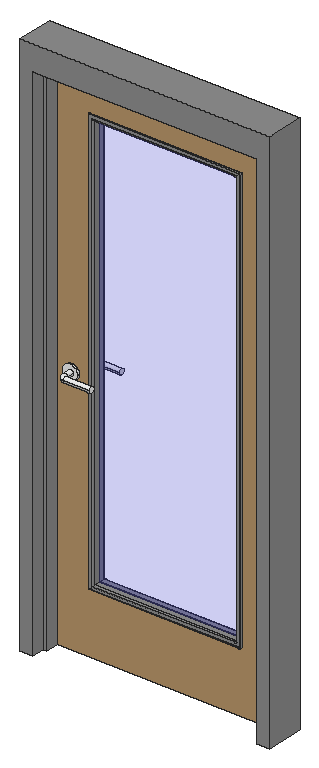
Revit family "M_Porta-Passagem-Única-Leve_Completa", category Portas, Revit 2019
Family settings
  Hospedeiro = Parede
  Número OmniClass = 23.30.10.00
  Título OmniClass = Doors
  Sempre na vertical = Sim
  Corte com vazios quando carregada = Não
  Compartilhado = Não
  Ponto de cálculo do ambiente = Não
Parameters
  Visual Light Transmittance = 0
  Espessura = 45 mm
  Resistência térmica (R) = 0.455703 (m²·K)/W
  Ângulo de abertura [instance] = 90.00°
  Altura do traçado = 1000 mm
  Solar Heat Gain Coefficient = 0
  Rough Width [instance] = Width + Largura da abertura MF  # 1000 mm
  Rough Height [instance] = Height + Altura da abertura MF  # 2200 mm
  Material do painel = Madeira - Bétula
  Moldura de alvenaria [instance] = yes
  Altura da abertura MF [instance] = if(Moldura de alvenaria, 100 mm, 30 mm)  # 100 mm
  Largura da abertura MF [instance] = if(Moldura de alvenaria, 100 mm, 60 mm)  # 100 mm
  Calcular inserção [instance] = if(Moldura de alvenaria, Inserção de alvenaria + 80 mm, 80 mm)  # 105 mm
  Inserção de alvenaria [instance] = 25 mm
  Height = 2100 mm
  Fechamento da parede = Por hospedeiro
  Width = 900 mm
  Coeficiente de transferência de calor (U) = 2.19465 W/(m²·K)
  Vidraça = Vidro
  Material de proteção de vidro = Metal - Acabamento de pintura - Cinza
  Função = Exterior
  Material da moldura = Metal - Acabamento de pintura - Cinza
  Profundidade da moldura de alvenaria = 150 mm
  Moldura de Dry Wall [instance] = not(Moldura de alvenaria)  # no
  Material da maçaneta = Alumín. 1
  Código de montagem = "B2030100"
  Construção analítica = "Madeira"
Reference planes
  plane 1 "Centro (Frente/Trás)": y = 0
  plane 2 "Centro (Esquerda/Direita)": x = 0
  plane 3 "Esquerda": x = -500
  plane 4 "Direita": x = 500
  plane 5 "Superior": z = 2200
  plane 6 "Exterior": y = 107.95
  plane 7 "Interior": y = -95.25
  plane 8 "Painel esquerdo da porta": x = -450
  plane 9 "Painel direito da porta": x = 450
  plane 10 "Topo do painel": z = 2100
  plane 11: z = 0
  plane 12: z = 0
  plane 13 "Traseira da porta": y = 37.95
  plane 14: z = 1000
  plane 15 "Frente da porta": y = 82.95
  plane 16: y = -67.05
  plane 17: y = 33.187
  plane 18: x = -434.125
  plane 19: y = -17.838
  plane 20: z = 2149.2
  plane 21: y = 187.95
  plane 22: z = 2150
  plane 23: x = 470.05
  plane 24: x = 519.05
  plane 25: y = 120.65
  plane 26: y = -107.95
  plane 27: x = 454.175
  plane 28: y = 33.187
  plane 29: y = -4.913
  plane 30: z = 1947.6
  plane 31: z = 254
  plane 32: x = -297.6
  plane 33: x = 297.6
  plane 34: y = 63.625
  plane 35: y = 57.275
  plane 36: y = 60.45
  plane 37 "Vidro": y = 60.45
Forms (mm)
  Extrusion 1, solid, material "Madeira - Bétula" <- "Material do painel"
    sketch origin (0, 0, 0) x (1, 0, 0) y (0, 0, 1)
      loop
        line (450, 2100) -> (-450, 2100) -> (-450, 0) -> (450, 0) -> (450, 2100)
      loop
        line (297.6, 1947.6) -> (-297.6, 1947.6) -> (-297.6, 254) -> (297.6, 254) -> (297.6, 1947.6)
    from -82.95 to -37.95
  Sweep 2, solid, material "Metal - Acabamento de pintura - Cinza" <- "Material da moldura", visible <- "Moldura de alvenaria"
    path origin (0, 107.95, 0) x (1, 0, 0) y (0, 0, 1)
      loop
        line (500, 0) -> (500, 2150) -> (-500, 2150) -> (-500, 0)
    profile origin (-500, 107.95, 1075) x (0, -1, 0) y (1, 0, 0)
      loop
        line (25, 50) -> (25, 0) -> (175, 0) -> (175, 50) -> (125.787, 50) -> (125.787, 65.875) -> (74.762, 65.875) -> (74.762, 50) -> (25, 50)
  Extrusion 3, solid, material "Metal - Acabamento de pintura - Cinza" <- "Material da moldura", visible <- "Moldura de alvenaria"
    sketch origin (0, 0, 0) x (0, 1, 0) y (0, 0, 1)
      loop
        line (82.95, 2200) -> (-67.05, 2200) -> (-67.05, 2149.2) -> (82.95, 2149.2) -> (82.95, 2200)
    from -500 to 500
  Sweep 4, solid, material "Metal - Acabamento de pintura - Cinza" <- "Material da moldura", visible <- "Moldura de Dry Wall"
    path origin (0, 107.95, 0) x (1, 0, 0) y (0, 0, 1)
      loop
        line (500, 0) -> (500, 2200) -> (-500, 2200) -> (-500, 0)
    profile origin (500, 107.95, 1100) x (-1, 0, 0) y (0, -1, 0)
      loop
        line (-19.05, -12.7) -> (29.95, -12.7) -> (29.95, 74.762) -> (45.825, 74.762) -> (45.825, 112.862) -> (29.95, 112.862) -> (29.95, 215.9) -> (-19.05, 215.9) -> (-19.05, 203.2) -> (0, 203.2) -> (0, 0) -> (-19.05, 0) -> (-19.05, -12.7)
  Extrusion 5, solid, material "Vidro" <- "Vidraça"
    sketch origin (0, 60.45, 0) x (1, 0, 0) y (0, 0, 1)
      loop
        line (297.6, 1947.6) -> (-297.6, 1947.6) -> (-297.6, 254) -> (297.6, 254) -> (297.6, 1947.6)
    from -2.5 to 2.5
  Sweep 6, solid, material "Metal - Acabamento de pintura - Cinza" <- "Material de proteção de vidro", detail levels fine
    path origin (0, 82.95, 0) x (-1, 0, 0) y (0, 0, 1)
      loop
        line (-297.6, 1947.6) -> (-297.6, 254) -> (297.6, 254) -> (297.6, 1947.6) -> (-297.6, 1947.6)
    profile "Cantoneira de vidraça : Cantoneira de vidraça" origin (0, 82.95, 1947.6) x (0, 0, 1) y (0, 1, 0)
      loop
        line (0, 0) -> (8, 0) -> (8, 4)
        arc (8, 4) -> (7.414, 5.414) -> (6, 6) r 2
        line (6, 6) -> (-7, 6)
        arc (-7, 6) -> (-10.536, 4.536) -> (-12, 1) r 5
        line (-12, 1) -> (-12, -20) -> (0, -20) -> (0, 0)
  Sweep 7, solid, material "Metal - Acabamento de pintura - Cinza" <- "Material de proteção de vidro", detail levels fine
    path origin (0, 37.95, 0) x (-1, 0, 0) y (0, 0, 1)
      loop
        line (-297.6, 254) -> (297.6, 254) -> (297.6, 1947.6) -> (-297.6, 1947.6) -> (-297.6, 254)
    profile "Cantoneira de vidraça : Cantoneira de vidraça" origin (0, 37.95, 254) x (0, 0, 1) y (0, 1, 0)
      loop
        line (0, 0) -> (-8, 0) -> (-8, -4)
        arc (-8, -4) -> (-7.414, -5.414) -> (-6, -6) r 2
        line (-6, -6) -> (7, -6)
        arc (7, -6) -> (10.536, -4.536) -> (12, -1) r 5
        line (12, -1) -> (12, 20) -> (0, 20) -> (0, 0)
Cuts and joins
  joined: Sweep 2, Extrusion 3
Lines and regions (mm)
  Opening 1
    outline origin (-2286, -95.25, 0) x (1, 0, 0) y (0, 0, 1)
      loop
        line (1786, 0) -> (2786, 0) -> (2786, 2200) -> (1786, 2200) -> (1786, 0)
  Masking region 1, visible <- "Moldura de alvenaria", detail levels coarse+medium
    outline origin (0, 0, 0) x (1, 0, 0) y (0, 1, 0)
      loop
        line (-500, 82.95) -> (-500, -67.05) -> (-450, -67.05) -> (-450, 82.95) -> (-500, 82.95)
      loop
        line (500, 82.95) -> (450, 82.95) -> (450, -67.05) -> (500, -67.05) -> (500, 82.95)
  Masking region 2, visible <- "Moldura de alvenaria", detail levels fine
    outline origin (0, 0, 0) x (1, 0, 0) y (0, 1, 0)
      loop
        line (-500, 82.95) -> (-500, -67.05) -> (-450, -67.05) -> (-450, -17.838) -> (-434.125, -17.838) -> (-434.125, 33.187) -> (-450, 33.187) -> (-450, 82.95) -> (-500, 82.95)
      loop
        line (500, 82.95) -> (450, 82.95) -> (450, 33.187) -> (434.125, 33.187) -> (434.125, -17.838) -> (450, -17.838) -> (450, -67.05) -> (500, -67.05) -> (500, 82.95)
  Masking region 3, visible <- "Moldura de Dry Wall", detail levels coarse+medium
    outline origin (0, 0, 0) x (1, 0, 0) y (0, 1, 0)
      loop
        line (470.05, -95.25) -> (500, -95.25) -> (500, 107.95) -> (470.05, 107.95) -> (470.05, -95.25)
      loop
        line (-500, 107.95) -> (-500, -95.25) -> (-470.05, -95.25) -> (-470.05, 107.95) -> (-500, 107.95)
  Masking region 4, visible <- "Moldura de Dry Wall", detail levels fine
    outline origin (0, 0, 0) x (1, 0, 0) y (0, 1, 0)
      loop
        line (-519.05, 120.65) -> (-519.05, 107.95) -> (-500, 107.95) -> (-500, -95.25) -> (-519.05, -95.25) -> (-519.05, -107.95) -> (-470.05, -107.95) -> (-470.05, -4.913) -> (-454.175, -4.913) -> (-454.175, 33.187) -> (-470.05, 33.187) -> (-470.05, 120.65) -> (-519.05, 120.65)
      loop
        line (519.05, 107.95) -> (519.05, 120.65) -> (470.05, 120.65) -> (470.05, 33.187) -> (454.175, 33.187) -> (454.175, -4.913) -> (470.05, -4.913) -> (470.05, -107.95) -> (519.05, -107.95) -> (519.05, -95.25) -> (500, -95.25) -> (500, 107.95) -> (519.05, 107.95)
  symbolic lines, style "Giro da elevação"
    curve 1: line (-450, 107.95, 2100) -> (450, 107.95, 1050)
    curve 2: line (450, 107.95, 1050) -> (-450, 107.95, 0)
  model lines, style "DoorsGlassProjection"
    curve 3: line (297.6, 60.45, 1947.6) -> (297.6, 60.45, 254)
    curve 4: line (-297.6, 60.45, 1947.6) -> (-297.6, 60.45, 254)
Text (mm)
  text "Exterior" at (-1904.17, 693.701, 0), in view "Nível de referência"
  text "Interior" at (-1904.17, -638.649, 0), in view "Nível de referência"
  text "Exterior" at (0, 1019.848, 3124.603), in view "Direita"
  text "Interior" at (0, -1635.541, 3124.603), in view "Direita"
  text "Interior" at (0, -787.806, 3124.376), in view "Esquerda"
  text "Exterior" at (0, 1386.095, 3124.376), in view "Esquerda"
Dimensions and locks
  equal spacing: plane 3 "Esquerda", plane 2 "Centro (Esquerda/Direita)", plane 4 "Direita"
  "Rough Height": level to plane 5 "Superior"
  equal spacing: plane 8 "Painel esquerdo da porta", plane 2 "Centro (Esquerda/Direita)", plane 9 "Painel direito da porta"
  "Width": plane 8 "Painel esquerdo da porta" to plane 9 "Painel direito da porta"
  "Height": level to plane 10 "Topo do painel"
  plane 11 to plane 12 = 0 mm
  "Rough Width": plane 3 "Esquerda" to plane 4 "Direita"
  equal spacing: plane 12, curve 2, plane 10 "Topo do painel"
  "Espessura": plane 15 "Frente da porta" to plane 13 "Traseira da porta"
  "Profundidade da moldura de alvenaria": plane 15 "Frente da porta" to plane 16
  locked: plane 13 "Traseira da porta" to plane 17 at 4.763
  locked: plane 16 to plane 19 at 49.213
  locked: plane 8 "Painel esquerdo da porta" to plane 18 at 15.875
  locked: plane 20 to plane 5 "Superior" at 50.8
  locked: plane 6 "Exterior" to plane 21 at 80
  "Calcular inserção": plane 21 to plane 15 "Frente da porta"
  locked: plane 10 "Topo do painel" to plane 22 at 50
  locked: plane 4 "Direita" to plane 24 at 19.05
  locked: plane 6 "Exterior" to plane 25 at 12.7
  locked: plane 26 to plane 7 "Interior" at 12.7
  locked: plane 23 to plane 24 at 49
  plane 13 "Traseira da porta" to plane 28 to plane 29 = 4.762 mm locked, 38.1 mm locked
  locked: plane 27 to plane 23 at 15.875
  "Altura do traçado": plane 11 to plane 14
  locked: plane 30 to plane 10 "Topo do painel" at 152.4
  locked: plane 8 "Painel esquerdo da porta" to plane 32 at 152.4
  equal spacing: plane 15 "Frente da porta", plane 36, plane 13 "Traseira da porta"
  locked: plane 36 to plane 35 at 3.175
  locked: plane 34 to plane 36 at 3.175
  locked: plane 33 to plane 9 "Painel direito da porta" at 152.4
  locked: plane 11 to plane 31 at 254
  equal spacing: plane 15 "Frente da porta", plane 37 "Vidro", plane 13 "Traseira da porta"
  aligned and locked: plane 3 "Esquerda" to Opening 1 sketch curve
  aligned and locked: plane 5 "Superior" to Opening 1 sketch curve  (x2)
  aligned and locked: Opening 1 sketch curve to plane 4 "Direita"
  aligned and locked: Opening 1 sketch curve to level
  aligned and locked: plane 6 "Exterior" to host wall
  aligned and locked: plane 7 "Interior" to host wall
  aligned and locked: plane 11 to level
  aligned and locked: Extrusion 1 sketch curve to plane 10 "Topo do painel"
  aligned and locked: Extrusion 1 sketch curve to plane 8 "Painel esquerdo da porta"
  aligned and locked: plane 9 "Painel direito da porta" to Extrusion 1 sketch curve
  aligned and locked: Extrusion 1 sketch curve to plane 12
  aligned and locked: Extrusion 1 to plane 13 "Traseira da porta"
  aligned and locked: nested 1 to plane 9 "Painel direito da porta"
  aligned and locked: nested 2 to plane 8 "Painel esquerdo da porta"
  aligned and locked: nested 2 to plane 14
  aligned and locked: plane 8 "Painel esquerdo da porta" to nested 3
  aligned and locked: nested 3 to plane 13 "Traseira da porta"
  aligned and locked: plane 14 to nested 3
  aligned and locked: nested 1 to plane 15 "Frente da porta"
  aligned and locked: nested 2 to plane 15 "Frente da porta"
  aligned and locked: Extrusion 1 to nested 1
  aligned and locked: Sweep 2 sketch curve to plane 3 "Esquerda"  (x2)
  aligned and locked: plane 11 to Sweep 2 sketch curve  (x2)
  aligned and locked: plane 18 to Sweep 2 sketch curve
  aligned and locked: plane 8 "Painel esquerdo da porta" to Sweep 2 sketch curve  (x2)
  aligned and locked: plane 17 to Sweep 2 sketch curve
  aligned and locked: Sweep 2 sketch curve to plane 19
  aligned and locked: Sweep 2 sketch curve to plane 16
  aligned and locked: Sweep 2 sketch curve to plane 15 "Frente da porta"
  aligned and locked: Sweep 2 sketch curve to plane 4 "Direita"
  aligned and locked: plane 5 "Superior" to Extrusion 3 sketch curve
  aligned and locked: Extrusion 3 sketch curve to plane 16
  aligned and locked: Extrusion 3 sketch curve to plane 15 "Frente da porta"
  aligned and locked: plane 20 to Extrusion 3 sketch curve
  aligned and locked: cut or joined group of Sweep 2, Extrusion 3 to plane 4 "Direita"
  aligned and locked: plane 3 "Esquerda" to cut or joined group of Sweep 2, Extrusion 3
  aligned and locked: Masking region 1 sketch curve to plane 15 "Frente da porta"
  aligned and locked: plane 8 "Painel esquerdo da porta" to Masking region 1 sketch curve
  aligned and locked: Masking region 1 sketch curve to plane 16
  aligned and locked: Masking region 1 sketch curve to plane 3 "Esquerda"
  aligned and locked: plane 15 "Frente da porta" to Masking region 1 sketch curve
  aligned and locked: Masking region 1 sketch curve to plane 4 "Direita"
  aligned and locked: plane 9 "Painel direito da porta" to Masking region 1 sketch curve
  aligned and locked: plane 16 to Masking region 1 sketch curve
  aligned and locked: Masking region 2 sketch curve to plane 3 "Esquerda"
  aligned and locked: Masking region 2 sketch curve to plane 16
  aligned and locked: plane 8 "Painel esquerdo da porta" to Masking region 2 sketch curve  (x2)
  aligned and locked: Masking region 2 sketch curve to plane 15 "Frente da porta"
  aligned and locked: Masking region 2 sketch curve to cut or joined group of Sweep 2, Extrusion 3  (x4)
  aligned and locked: plane 15 "Frente da porta" to Masking region 2 sketch curve
  aligned and locked: Masking region 2 sketch curve to plane 4 "Direita"
  aligned and locked: plane 9 "Painel direito da porta" to Masking region 2 sketch curve  (x2)
  aligned and locked: plane 16 to Masking region 2 sketch curve
  aligned and locked: cut or joined group of Sweep 2, Extrusion 3 to Masking region 2 sketch curve  (x2)
  aligned and locked: plane 22 to Sweep 2 sketch curve
  aligned and locked: plane 4 "Direita" to Sweep 4 sketch curve
  aligned and locked: Sweep 4 sketch curve to plane 3 "Esquerda"
  aligned and locked: plane 24 to Sweep 4 sketch curve  (x2)
  aligned and locked: Sweep 4 sketch curve to plane 7 "Interior"
  aligned and locked: Sweep 4 sketch curve to plane 26
  aligned and locked: Sweep 4 sketch curve to plane 23  (x2)
  aligned and locked: Sweep 4 sketch curve to plane 29
  aligned and locked: plane 27 to Sweep 4 sketch curve
  aligned and locked: plane 28 to Sweep 4 sketch curve
  aligned and locked: Sweep 4 sketch curve to plane 25
  aligned and locked: plane 6 "Exterior" to Sweep 4 sketch curve
  aligned and locked: Sweep 4 sketch curve to plane 4 "Direita"
  aligned and locked: plane 5 "Superior" to Sweep 4 sketch curve
  aligned and locked: Masking region 3 sketch curve to plane 6 "Exterior"
  aligned and locked: plane 7 "Interior" to Masking region 3 sketch curve
  aligned and locked: Masking region 3 sketch curve to plane 4 "Direita"
  aligned and locked: Masking region 3 sketch curve to Sweep 4  (x2)
  aligned and locked: plane 6 "Exterior" to Masking region 3 sketch curve
  aligned and locked: Masking region 3 sketch curve to plane 3 "Esquerda"
  aligned and locked: Masking region 3 sketch curve to plane 7 "Interior"
  aligned and locked: Masking region 4 sketch curve to plane 3 "Esquerda"
  aligned and locked: Masking region 4 sketch curve to Sweep 4  (x13)
  aligned and locked: Masking region 4 sketch curve to plane 6 "Exterior"
  aligned and locked: plane 7 "Interior" to Masking region 4 sketch curve
  aligned and locked: Masking region 4 sketch curve to plane 4 "Direita"
  aligned and locked: Masking region 4 sketch curve to plane 7 "Interior"
  aligned and locked: Sweep 4 to Masking region 4 sketch curve  (x5)
  aligned and locked: plane 6 "Exterior" to Masking region 4 sketch curve
  aligned and locked: plane 11 to Sweep 4 sketch curve  (x2)
  aligned and locked: Extrusion 1 sketch curve to plane 30
  aligned and locked: Extrusion 1 sketch curve to plane 32
  aligned and locked: plane 31 to Extrusion 1 sketch curve
  aligned and locked: Extrusion 1 sketch curve to plane 33
  aligned and locked: Extrusion 5 sketch curve to plane 32
  aligned and locked: Extrusion 5 sketch curve to plane 33
  aligned and locked: Extrusion 5 sketch curve to plane 30
  aligned and locked: plane 31 to Extrusion 5 sketch curve
  aligned and locked: plane 31 to Sweep 6 sketch curve
  aligned and locked: Sweep 6 sketch curve to plane 32
  aligned and locked: Sweep 6 sketch curve to plane 30
  aligned and locked: Sweep 6 sketch curve to plane 33
  aligned and locked: Sweep 7 sketch curve to plane 30
  aligned and locked: Sweep 7 sketch curve to plane 31
  aligned and locked: Sweep 7 sketch curve to plane 32
  aligned and locked: plane 33 to Sweep 7 sketch curve
  aligned and locked: curve 3 to plane 33
  aligned and locked: curve 4 to plane 32
  aligned and locked: plane 30 to curve 4
  aligned and locked: plane 30 to curve 3
  aligned and locked: plane 31 to curve 4
  aligned and locked: plane 31 to curve 3
Automatic sketch dimensions
  curve 2 to level = 0 mm
  plane 8 "Painel esquerdo da porta" to curve 2 = 0 mm
  plane 8 "Painel esquerdo da porta" to curve 1 = 0 mm
  plane 9 "Painel direito da porta" to curve 2 = 0 mm
  curve 1 to plane 10 "Topo do painel" = 0 mm
Nested families
  nested 1: "Porta com abertura única" at (450, 82.95, 0), Ângulo de abertura <- "Ângulo de abertura", type "Único"
    with Abertura visível yes, Ângulo de abertura 90.00°, Ângulo real 90.00°
  nested 2: "M_Alavanca da maçaneta" at (-600, 82.95, 1000), type "Padrão", detail levels fine
  nested 3: "M_Alavanca da maçaneta" at (-600, 37.95, 1000), type "Padrão", detail levels fine
Definition of nested family "M_Alavanca da maçaneta"
  Parameters (values of type "Padrão")
    Material = none
    Distância Z da maçaneta = 0 mm
    Distância X da maçaneta = 75.009 mm
    Assembly Code = ""
    Analytic Construction = "<Nenhum>"
  Reference planes
    plane 1 "Centro (Frente/Trás)": y = 0
    plane 2: z = 0
    plane 3 "Centro (Esquerda/Direita)": x = 150
    plane 4: z = 0
    plane 5 "Maçaneta C/L": x = 225.009
  Forms (mm)
    Extrusion 1, solid, material <- "Material"
      sketch origin (300, 0, 0) x (1, 0, 0) y (0, 0, -1)
        loop
          circle (-77.491, 0) r 30
      from 0 to 8
    Sweep 2, solid, material <- "Material"
      path origin (0, 0, 0) x (0, -1, 0) y (1, 0, 0)
        loop
          line (-8, 225.009) -> (-38, 225.009)
          arc (-38, 225.009) -> (-48.607, 229.403) -> (-53, 240.009) r 15
          line (-53, 240.009) -> (-53, 345.009)
      profile origin (225.009, 23, 0) x (1, 0, 0) y (0, 0, 1)
        loop
          circle (0, 0) r 10
  Dimensions and locks
    "Distância Z da maçaneta": plane 4 to level
    Sweep 2 sketch curve to Sweep 2 sketch curve = 105 mm
    "Distância X da maçaneta": plane 5 "Maçaneta C/L" to plane 3 "Centro (Esquerda/Direita)"
    plane 5 "Maçaneta C/L" to Sweep 2 sketch curve = 120 mm
    aligned and locked: plane 4 to Extrusion 1 sketch curve
  Automatic sketch dimensions
    Sweep 2 sketch curve to profile plane = 0 mm  (x2)
    Sweep 2 sketch curve to plane 5 "Maçaneta C/L" = 0 mm
    Sweep 2 sketch curve to plane 1 "Centro (Frente/Trás)" = 53 mm
    Sweep 2 sketch curve to plane 1 "Centro (Frente/Trás)" = 8 mm
    Extrusion 1 sketch curve to plane 5 "Maçaneta C/L" = 2.5 mm
    radius of Sweep 2 sketch curve = 10 mm
    radius of Extrusion 1 sketch curve = 30 mm
Definition of nested family "Porta com abertura única"
  Parameters (values of type "Único")
    Width = 900 mm
    Thickness = 45 mm
    Abertura visível [instance] = Ângulo de abertura > 1.00°  # yes
    Ângulo de abertura [instance] = 45.00°
    Assembly Code = ""
    Analytic Construction = "<Nenhum>"
    Ângulo real [instance] = if(Ângulo de abertura < 1.00°, 1.00°, Ângulo de abertura)  # 45.00°
  Reference planes
    plane 1 "Centro (Frente/Trás)": y = 0
    plane 2: z = 0
    plane 3 "Centro (Esquerda/Direita)": x = 0
    plane 4: x = -900
  Lines and regions (mm)
    Masking region 1
      outline origin (0, 0, 0) x (-0.707107, 0.707107, 0) y (-0.707107, -0.707107, 0)
        loop
          line (0, 0) -> (900, 0) -> (900, 45) -> (0, 45) -> (0, 0)
    symbolic lines
      curve 1: line (0, 0, 0) -> (-900, 0, 0)
    symbolic lines, visible <- "Abertura visível"
      curve 2: arc (-900, 0, 0) -> (-831.492, 344.415, 0) -> (-636.396, 636.396, 0) r 900
    reference lines
      curve 3: line (0, 0, 0) -> (-636.396, 636.396, 0)
    model lines
      curve 4: line (0, 0, 0) -> (0, 0, 25.4)
  Dimensions and locks
    "Width": plane 4 to plane 3 "Centro (Esquerda/Direita)"
    locked: curve 2 to plane 3 "Centro (Esquerda/Direita)"
    locked: curve 2 to plane 1 "Centro (Frente/Trás)"
    "Width": curve 3 to curve 3
    "Thickness": Masking region 1 sketch curve to Masking region 1 sketch curve
    locked: curve 4 to plane 2 at 25.4
    "Width": radius of curve 2
    "Ângulo real": angle curve 2 to curve 2
    "Ângulo de abertura": angle curve 3 to plane 1 "Centro (Frente/Trás)"
    aligned and locked: curve 1 to plane 1 "Centro (Frente/Trás)"
    aligned and locked: plane 3 "Centro (Esquerda/Direita)" to curve 1
    aligned and locked: plane 3 "Centro (Esquerda/Direita)" to curve 3
    aligned and locked: plane 1 "Centro (Frente/Trás)" to curve 3
    aligned and locked: curve 3 to Masking region 1 sketch curve
    aligned and locked: Masking region 1 sketch curve to curve 3  (x2)
    aligned and locked: plane 3 "Centro (Esquerda/Direita)" to curve 4
    aligned and locked: plane 2 to curve 4
Types in the file's own list only (17): name | Transmissão de luz visual | Resistência térmica (R) | Coeficiente de ganho de calor solar | Altura | Largura | Coeficiente de transferência de calor (U)
  750 x 2000mm | 0 | 0.4557 (m²·K)/W | 0 | 2000 mm | 750 mm | 2.1946 W/(m²·K)
  750 x 2100mm | 0 | 0.4557 (m²·K)/W | 0 | 2100 mm | 750 mm | 2.1946 W/(m²·K)
  900 x 2000mm | 0 | 0.4557 (m²·K)/W | 0 | 2000 mm | 900 mm | 2.1946 W/(m²·K)
  900 x 2100mm | 0 | 0.4557 (m²·K)/W | 0 | 2100 mm | 900 mm | 2.1946 W/(m²·K)
  900 x 2200mm | 0 | 0.4557 (m²·K)/W | 0 | 2200 mm | 900 mm | 2.1946 W/(m²·K)
  900 x 2350mm | 0 | 0.4557 (m²·K)/W | 0 | 2350 mm | 900 mm | 2.1946 W/(m²·K)
  900 x 2400mm | 0 | 0.4557 (m²·K)/W | 0 | 2400 mm | 900 mm | 2.1946 W/(m²·K)
  1050 x 2000mm | 0 | 0.4557 (m²·K)/W | 0 | 2000 mm | 1050 mm | 2.1946 W/(m²·K)
  1050 x 2100mm | 0 | 0.4557 (m²·K)/W | 0 | 2100 mm | 1050 mm | 2.1946 W/(m²·K)
  1050 x 2200mm | 0 | 0.4557 (m²·K)/W | 0 | 2200 mm | 1050 mm | 2.1946 W/(m²·K)
  1050 x 2350mm | 0 | 0.4557 (m²·K)/W | 0 | 2350 mm | 1050 mm | 2.1946 W/(m²·K)
  1050 x 2400mm | 0 | 0.4557 (m²·K)/W | 0 | 2400 mm | 1050 mm | 2.1946 W/(m²·K)
  1200 x 2000mm | 0 | 0.4557 (m²·K)/W | 0 | 2000 mm | 1200 mm | 2.1946 W/(m²·K)
  1200 x 2100mm | 0 | 0.4557 (m²·K)/W | 0 | 2100 mm | 1200 mm | 2.1946 W/(m²·K)
  1200 x 2200mm | 0 | 0.4557 (m²·K)/W | 0 | 2200 mm | 1200 mm | 2.1946 W/(m²·K)
  1200 x 2350mm | 0 | 0.4557 (m²·K)/W | 0 | 2350 mm | 1200 mm | 2.1946 W/(m²·K)
  1200 x 2400mm | 0 | 0.4557 (m²·K)/W | 0 | 2400 mm | 1200 mm | 2.1946 W/(m²·K)
